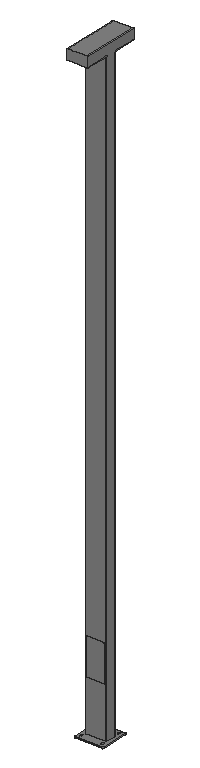
Revit family "Супремус В", category Осветительные приборы, Revit 2019 (continued)
Types (7, lengths in mm): name | Файл фотометрической сетки | built-in parameter 1150105 | Lumens | built-in parameter 1150106 | built-in parameter 1150142 | Wattage | L_общая рассеиватели | ADSK_Фактическая мощность | ADSK_Размер_Высота | ADSK_Номинальная мощность | ADSK_Наименование | ADSK_Масса_Текст | ADSK_Масса | ADSK_Артикул | 2
     335.4 335.9 336.5 337.4 338.2 339.1 340.1 341.2 342.4 343.5 345.0\r\n 346.3 348.0 349.8 351.9 354.1 356.6 359.5 362.2 365.2 368.3 371.5 374.6 377.2 379.9 382.9 386.3 389.1 391.7 394.1 397.2 400.4\r\n 403.9 407.5 410.7 414.4 418.8 422.4 425.6 428.8 432.3 435.8 438.4 440.9 443.9 447.0 449.6 452.5 454.9 457.4 460.2 463.0 466.2\r\n 468.9 471.2 472.4 473.0 472.4 471.3 469.6 466.9 463.0 458.6 454.0 449.4 445.0 440.6 436.2 431.7 426.3 420.5 413.5 404.9 395.1\r\n 385.0 374.9 364.6 354.3 343.9 333.7 322.8 311.6 299.7 286.7 273.9 260.3 246.6 232.7 218.3 204.0 189.7 176.0 162.6 149.4 137.9\r\n 126.5 115.1 106.0 98.4 90.9 83.7 77.5 71.5 65.7 60.0 54.6 49.8 44.9 40.6 36.8 33.6 30.7 28.0 25.6 23.4 21.5 19.9 18.3 16.7 15.2\r\n 13.8 12.2 10.7 9.5 8.3 7.4 6.6 6.0 5.3 4.7 4.3 4.0 3.6 3.1 2.8 2.5 2.2 1.9 1.6 1.4 1.3 1.2 1.0 0.9 0.8 0.7 0.5 0.4 0.3 0.1 0.0\r\n 0.0 0.0 0.0 0.0 0.0 0.0 0.0 0.0 0.0 0.0 0.0 0.0 0.0 0.0 0.0 0.0 0.0 0.0 0.0 0.0 0.0 0.0 0.0 0.0 0.0 0.0 0.0 0.0 0.0 0.0 0.0 0.0\r\n 0.0 0.0 0.0 0.0 0.0 0.0 0.0 0.0 0.0 0.0 0.0 0.0 0.0 0.0 0.0 0.0 0.0 0.0 0.0 0.0 0.0 0.0 0.0 0.0 0.0 0.0 0.0 0.0 0.0 0.0 0.0 0.0\r\n 0.0 0.0 0.0 0.0 0.0 0.0 0.0 0.0 0.0 0.0 0.0 0.0 0.0 0.0 0.0 0.0 0.0 0.0 0.0 0.0 0.0 0.0 0.0 0.0 0.0 0.0 0.0 0.0 0.0 0.0 0.0 0.0\r\n 0.0 0.0 0.0 0.0 0.0 0.0 0.0 0.0 0.0 0.0 0.0 0.0 0.0 0.0 0.0 0.0 0.0 0.0 0.0 0.0 0.0 0.0 0.0 0.0 0.0 0.0 0.0 0.0 0.0 0.0 0.0 0.0\r\n 0.0 0.0 0.0 0.0 0.0 0.0 0.0 0.0 0.0 0.0 0.0 0.0 0.0 0.0 0.0 0.0 0.0 0.0 0.0 0.0 0.0 0.0 0.0 0.0 0.0 0.0 0.0 0.0 0.0 0.0\r\n275.6 277.2 278.7 280.3 282.0 283.5 285.2 287.0 288.8 290.5 292.5 294.4 296.3 298.1 299.8 301.6 303.3 304.7 306.1 307.5 308.8\r\n 310.0 311.3 312.2 313.3 314.3 315.6 316.5 317.6 318.9 320.0 321.4 322.5 323.5 324.6 325.4 326.1 327.0 327.6 328.5 329.2 329.8\r\n 330.3 331.2 332.0 332.7 333.2 333.7 334.2 335.0 335.9 336.6 337.8 338.9 340.0 341.3 342.7 344.3 345.7 347.3 348.9 350.6 352.6\r\n 354.5 356.5 359.0 361.0 363.6 366.0 368.8 371.8 374.4 376.7 379.1 381.5 383.8 386.4 388.6 390.3 392.3 394.5 396.5 398.5 400.0\r\n 402.0 404.3 405.9 407.6 410.5 413.3 416.0 418.7 421.0 423.7 425.9 428.1 430.0 432.2 434.3 436.0 438.2 440.1 441.5 442.6 443.3\r\n 443.5 443.5 442.8 441.9 440.2 437.9 434.3 430.1 425.6 421.4 417.3 412.7 407.7 401.8 396.0 390.3 385.1 379.2 372.9 365.9 358.2\r\n 350.0 341.5 333.0 323.5 314.0 304.3 294.4 284.3 272.7 260.4 248.0 235.4 221.9 208.4 195.0 181.1 166.5 152.1 139.0 126.0 113.4\r\n 102.9 93.3 84.7 76.4 68.2 61.1 54.1 48.8 44.3 40.3 36.7 33.6 31.0 28.6 26.5 24.8 23.5 22.6 21.8 21.1 20.3 19.6 18.6 17.5 16.2\r\n 14.6 13.0 11.6 10.5 9.5 8.5 7.7 6.9 6.5 6.1 5.8 5.2 4.7 4.1 3.5 2.9 2.4 2.1 1.8 1.6 1.5 1.4 1.3 1.1 1.0 0.9 0.8 0.7 0.6 0.0 0.0\r\n 0.0 0.0 0.0 0.0 0.0 0.0 0.0 0.0 0.0 0.0 0.0 0.0 0.0 0.0 0.0 0.0 0.0 0.0 0.0 0.0 0.0 0.0 0.0 0.0 0.0 0.0 0.0 0.0 0.0 0.0 0.0 0.0\r\n 0.0 0.0 0.0 0.0 0.0 0.0 0.0 0.0 0.0 0.0 0.0 0.0 0.0 0.0 0.0 0.0 0.0 0.0 0.0 0.0 0.0 0.0 0.0 0.0 0.0 0.0 0.0 0.0 0.0 0.0 0.0 0.0\r\n 0.0 0.0 0.0 0.0 0.0 0.0 0.0 0.0 0.0 0.0 0.0 0.0 0.0 0.0 0.0 0.0 0.0 0.0 0.0 0.0 0.0 0.0 0.0 0.0 0.0 0.0 0.0 0.0 0.0 0.0 0.0 0.0\r\n 0.0 0.0 0.0 0.0 0.0 0.0 0.0 0.0 0.0 0.0 0.0 0.0 0.0 0.0 0.0 0.0 0.0 0.0 0.0 0.0 0.0 0.0 0.0 0.0 0.0 0.0 0.0 0.0 0.0 0.0 0.0 0.0\r\n 0.0 0.0 0.0 0.0 0.0 0.0 0.0 0.0 0.0 0.0 0.0 0.0 0.0 0.0 0.0 0.0 0.0 0.0 0.0 0.0 0.0 0.0 0.0 0.0 0.0 0.0 0.0 0.0 0.0 0.0\r\n275.6 277.3 279.1 281.0 282.7 284.5 286.4 288.6 290.8 293.1 295.0 297.3 299.4 301.3 303.2 305.0 306.8 308.4 310.0 311.5 312.9\r\n 314.0 315.5 316.7 317.7 319.0 320.4 322.0 323.5 325.0 326.1 327.3 328.2 328.9 329.8 330.5 331.3 331.8 332.5 333.1 333.6 334.1\r\n 334.5 335.0 335.6 336.2 337.0 337.8 338.4 339.2 340.0 341.1 342.1 343.5 344.9 346.4 348.2 350.1 351.8 353.6 355.5 357.4 359.3\r\n 361.1 363.4 365.6 368.0 370.4 372.9 375.3 377.6 379.7 381.5 382.4 383.9 385.5 387.0 388.2 389.1 389.8 390.3 390.6 391.1 391.1\r\n 391.1 390.8 391.0 391.5 392.0 392.7 393.5 394.2 395.3 396.0 396.6 396.7 397.1 397.3 397.6 398.0 398.4 398.8 398.7 398.8 398.4\r\n 397.1 395.3 393.0 390.3 387.1 383.0 378.6 374.2 369.4 364.3 359.0 353.3 347.9 343.1 338.5 333.5 327.9 321.9 315.5 309.2 301.8\r\n 294.1 285.9 277.2 268.8 260.1 251.4 242.0 232.4 222.8 212.6 201.7 190.6 179.4 168.4 157.7 146.7 135.6 124.7 113.7 103.5 93.8 84.7\r\n 75.5 66.6 58.9 52.5 47.4 42.8 38.8 35.4 32.6 30.4 28.6 27.0 25.4 24.0 22.9 21.9 21.0 20.1 19.3 18.5 17.7 17.1 16.5 15.6 14.5 13.2\r\n 12.2 11.1 10.2 9.3 8.3 7.4 6.7 6.2 5.8 5.4 4.8 4.3 3.8 3.3 2.7 2.3 2.1 1.8 1.7 1.5 1.4 1.3 1.1 1.0 0.9 0.8 0.7 0.0 0.0 0.0 0.0\r\n 0.0 0.0 0.0 0.0 0.0 0.0 0.0 0.0 0.0 0.0 0.0 0.0 0.0 0.0 0.0 0.0 0.0 0.0 0.0 0.0 0.0 0.0 0.0 0.0 0.0 0.0 0.0 0.0 0.0 0.0 0.0 0.0\r\n 0.0 0.0 0.0 0.0 0.0 0.0 0.0 0.0 0.0 0.0 0.0 0.0 0.0 0.0 0.0 0.0 0.0 0.0 0.0 0.0 0.0 0.0 0.0 0.0 0.0 0.0 0.0 0.0 0.0 0.0 0.0 0.0\r\n 0.0 0.0 0.0 0.0 0.0 0.0 0.0 0.0 0.0 0.0 0.0 0.0 0.0 0.0 0.0 0.0 0.0 0.0 0.0 0.0 0.0 0.0 0.0 0.0 0.0 0.0 0.0 0.0 0.0 0.0 0.0 0.0\r\n 0.0 0.0 0.0 0.0 0.0 0.0 0.0 0.0 0.0 0.0 0.0 0.0 0.0 0.0 0.0 0.0 0.0 0.0 0.0 0.0 0.0 0.0 0.0 0.0 0.0 0.0 0.0 0.0 0.0 0.0 0.0 0.0\r\n 0.0 0.0 0.0 0.0 0.0 0.0 0.0 0.0 0.0 0.0 0.0 0.0 0.0 0.0 0.0 0.0 0.0 0.0 0.0 0.0 0.0 0.0 0.0 0.0 0.0 0.0 0.0 0.0\r\n275.6 277.5 279.4 281.5 283.5 285.5 287.7 290.2 292.8 295.1 297.8 300.0 302.1 304.2 306.4 308.3 310.2 311.9 313.5 314.9 316.3\r\n 317.9 319.1 320.6 322.1 323.9 325.6 327.0 328.5 329.8 330.7 331.6 332.5 333.4 334.2 335.0 335.6 336.2 336.5 336.9 337.5 337.9\r\n 338.5 339.2 340.1 340.6 341.3 342.3 343.2 344.1 345.4 346.6 347.9 349.0 350.4 351.8 352.9 354.3 355.7 357.3 359.0 360.7 362.7\r\n 364.7 366.6 368.3 370.0 371.6 373.1 374.5 375.8 376.5 377.0 377.7 378.6 379.4 379.7 379.5 379.0 377.9 377.1 375.9 373.9 371.9\r\n 370.4 369.2 368.1 366.4 364.8 363.7 362.4 360.9 360.1 359.0 357.7 355.8 353.4 351.2 349.1 346.6 344.1 341.5 338.3 334.8 331.3\r\n 327.9 324.2 320.6 316.4 311.9 306.9 301.6 296.5 291.2 285.9 280.3 274.3 268.3 261.7 255.8 250.2 244.6 238.6 232.4 225.7 218.4\r\n 210.8 203.6 196.5 189.1 182.2 175.5 168.9 162.7 155.6 148.3 140.7 132.8 124.3 115.6 107.1 98.1 89.8 81.9 74.2 67.1 61.4 55.8 51.8\r\n 48.3 44.8 41.8 39.1 36.6 34.5 32.5 30.7 29.2 27.7 26.2 24.7 23.3 22.0 20.6 19.3 18.1 17.0 16.1 15.2 14.4 13.6 12.9 12.1 11.3 10.5\r\n 9.8 9.1 8.4 7.7 7.2 6.7 6.4 6.2 5.7 4.9 4.4 3.9 3.4 2.9 2.5 2.2 2.0 1.8 1.7 1.5 1.4 1.3 1.2 1.1 1.0 0.9 0.0 0.0 0.0 0.0 0.0 0.0\r\n 0.0 0.0 0.0 0.0 0.0 0.0 0.0 0.0 0.0 0.0 0.0 0.0 0.0 0.0 0.0 0.0 0.0 0.0 0.0 0.0 0.0 0.0 0.0 0.0 0.0 0.0 0.0 0.0 0.0 0.0 0.0 0.0\r\n 0.0 0.0 0.0 0.0 0.0 0.0 0.0 0.0 0.0 0.0 0.0 0.0 0.0 0.0 0.0 0.0 0.0 0.0 0.0 0.0 0.0 0.0 0.0 0.0 0.0 0.0 0.0 0.0 0.0 0.0 0.0 0.0\r\n 0.0 0.0 0.0 0.0 0.0 0.0 0.0 0.0 0.0 0.0 0.0 0.0 0.0 0.0 0.0 0.0 0.0 0.0 0.0 0.0 0.0 0.0 0.0 0.0 0.0 0.0 0.0 0.0 0.0 0.0 0.0 0.0\r\n 0.0 0.0 0.0 0.0 0.0 0.0 0.0 0.0 0.0 0.0 0.0 0.0 0.0 0.0 0.0 0.0 0.0 0.0 0.0 0.0 0.0 0.0 0.0 0.0 0.0 0.0 0.0 0.0 0.0 0.0 0.0 0.0\r\n 0.0 0.0 0.0 0.0 0.0 0.0 0.0 0.0 0.0 0.0 0.0 0.0 0.0 0.0 0.0 0.0 0.0 0.0 0.0 0.0 0.0 0.0 0.0 0.0 0.0 0.0\r\n275.6 277.6 279.6 281.7 284.0 286.2 288.8 291.4 294.2 297.1 299.7 302.2 304.5 306.8 309.0 311.0 313.1 314.7 316.4 318.1 319.4\r\n 321.0 322.7 324.6 326.4 328.3 329.8 331.2 332.4 333.5 334.7 335.7 336.7 337.7 338.3 339.0 339.5 340.1 340.5 341.2 341.9 342.6\r\n 343.2 344.1 344.9 345.6 346.6 347.6 348.8 349.9 350.8 351.5 352.5 353.2 354.3 355.4 356.3 357.5 358.3 359.2 360.2 361.2 362.3\r\n 363.6 364.4 365.1 365.7 366.0 366.3 366.5 366.0 365.8 366.1 366.8 367.6 368.1 367.6 366.7 365.1 363.3 360.9 357.6 354.4 352.2\r\n 349.7 347.1 344.3 341.1 338.4 335.0 331.3 328.1 325.2 321.5 317.6 313.4 308.9 304.0 299.3 294.8 290.4 285.8 281.0 276.0 270.9\r\n 265.5 260.0 253.9 247.6 241.4 235.2 228.7 222.1 215.0 208.2 201.9 196.1 190.6 184.9 179.4 173.5 167.1 160.9 154.6 148.6 142.5\r\n 136.9 131.7 127.2 122.6 118.1 113.7 108.9 103.9 98.9 94.0 89.1 84.0 79.1 74.2 69.4 64.7 60.3 56.3 52.6 49.4 46.6 44.3 42.3 40.5\r\n 38.7 37.0 35.3 33.8 32.2 30.8 29.6 28.3 27.0 25.7 24.5 23.4 22.1 20.8 19.6 18.5 17.4 16.5 15.5 14.5 13.4 12.4 11.4 10.6 9.7 9.1\r\n 8.3 7.7 7.1 6.5 6.0 5.7 5.5 5.1 4.7 4.3 3.8 3.4 3.0 2.8 2.5 2.3 2.1 2.0 1.8 1.7 1.5 1.4 1.3 1.1 1.0 0.0 0.0 0.0 0.0 0.0 0.0 0.0\r\n 0.0 0.0 0.0 0.0 0.0 0.0 0.0 0.0 0.0 0.0 0.0 0.0 0.0 0.0 0.0 0.0 0.0 0.0 0.0 0.0 0.0 0.0 0.0 0.0 0.0 0.0 0.0 0.0 0.0 0.0 0.0 0.0\r\n 0.0 0.0 0.0 0.0 0.0 0.0 0.0 0.0 0.0 0.0 0.0 0.0 0.0 0.0 0.0 0.0 0.0 0.0 0.0 0.0 0.0 0.0 0.0 0.0 0.0 0.0 0.0 0.0 0.0 0.0 0.0 0.0\r\n 0.0 0.0 0.0 0.0 0.0 0.0 0.0 0.0 0.0 0.0 0.0 0.0 0.0 0.0 0.0 0.0 0.0 0.0 0.0 0.0 0.0 0.0 0.0 0.0 0.0 0.0 0.0 0.0 0.0 0.0 0.0 0.0\r\n 0.0 0.0 0.0 0.0 0.0 0.0 0.0 0.0 0.0 0.0 0.0 0.0 0.0 0.0 0.0 0.0 0.0 0.0 0.0 0.0 0.0 0.0 0.0 0.0 0.0 0.0 0.0 0.0 0.0 0.0 0.0 0.0\r\n 0.0 0.0 0.0 0.0 0.0 0.0 0.0 0.0 0.0 0.0 0.0 0.0 0.0 0.0 0.0 0.0 0.0 0.0 0.0 0.0 0.0 0.0 0.0 0.0 0.0\r\n275.6 277.7 279.8 282.1 284.6 287.0 289.8 292.9 296.0 298.8 301.6 304.2 306.6 308.9 311.1 313.3 315.2 317.1 319.0 320.6 322.3\r\n 324.1 326.3 328.3 330.0 331.6 333.1 334.3 335.4 336.5 338.0 338.8 339.6 340.7 341.3 341.9 342.7 343.6 344.4 345.2 345.9 346.8\r\n 347.8 348.6 349.7 350.6 351.4 352.2 352.9 353.5 354.1 354.9 355.6 356.5 356.8 357.3 357.9 358.2 358.5 359.2 359.6 359.6 359.6\r\n 359.6 359.6 359.2 358.8 358.1 357.7 357.2 356.8 356.3 356.5 356.6 356.2 354.9 352.9 350.1 347.3 344.3 340.2 336.1 332.9 329.3\r\n 325.5 321.3 316.8 312.4 307.1 302.2 297.9 293.2 288.0 282.6 277.0 270.5 264.2 257.7 251.5 245.5 239.2 232.5 225.3 218.1 210.7\r\n 203.4 196.5 189.9 183.3 176.6 170.1 163.9 158.4 153.1 147.9 142.6 137.5 132.4 127.4 122.8 118.8 114.6 110.2 105.8 101.9 98.1 94.6\r\n 91.0 87.1 83.3 79.8 76.4 72.7 69.1 65.4 61.8 58.2 54.9 51.9 49.1 46.9 45.0 43.3 41.6 40.0 38.5 37.0 35.5 34.0 32.7 31.4 30.0 28.8\r\n 27.5 26.4 25.3 24.3 23.5 22.6 21.8 20.9 19.9 19.1 18.3 17.5 16.7 15.9 15.2 14.4 13.4 12.6 11.9 11.1 10.3 9.7 9.1 8.6 8.0 7.3 6.6\r\n 6.3 5.9 5.5 5.1 4.7 4.3 4.0 3.7 3.3 3.0 2.8 2.5 2.3 2.1 2.0 1.9 1.7 1.6 1.4 1.2 1.1 0.0 0.0 0.0 0.0 0.0 0.0 0.0 0.0 0.0 0.0 0.0\r\n 0.0 0.0 0.0 0.0 0.0 0.0 0.0 0.0 0.0 0.0 0.0 0.0 0.0 0.0 0.0 0.0 0.0 0.0 0.0 0.0 0.0 0.0 0.0 0.0 0.0 0.0 0.0 0.0 0.0 0.0 0.0 0.0\r\n 0.0 0.0 0.0 0.0 0.0 0.0 0.0 0.0 0.0 0.0 0.0 0.0 0.0 0.0 0.0 0.0 0.0 0.0 0.0 0.0 0.0 0.0 0.0 0.0 0.0 0.0 0.0 0.0 0.0 0.0 0.0 0.0\r\n 0.0 0.0 0.0 0.0 0.0 0.0 0.0 0.0 0.0 0.0 0.0 0.0 0.0 0.0 0.0 0.0 0.0 0.0 0.0 0.0 0.0 0.0 0.0 0.0 0.0 0.0 0.0 0.0 0.0 0.0 0.0 0.0\r\n 0.0 0.0 0.0 0.0 0.0 0.0 0.0 0.0 0.0 0.0 0.0 0.0 0.0 0.0 0.0 0.0 0.0 0.0 0.0 0.0 0.0 0.0 0.0 0.0 0.0 0.0 0.0 0.0 0.0 0.0 0.0 0.0\r\n 0.0 0.0 0.0 0.0 0.0 0.0 0.0 0.0 0.0 0.0 0.0 0.0 0.0 0.0 0.0 0.0 0.0 0.0 0.0 0.0 0.0\r\n275.6 277.8 280.1 282.5 285.1 287.9 290.9 293.9 297.1 300.3 303.1 305.7 308.4 310.8 313.2 315.3 317.5 319.4 321.2 323.2 325.2\r\n 327.6 329.5 331.4 333.1 334.5 335.9 337.4 338.6 339.9 341.1 342.0 343.0 343.8 344.7 345.7 346.8 347.6 348.4 349.5 350.5 351.6\r\n 352.7 353.7 354.4 355.1 355.7 356.2 356.6 357.4 357.8 358.3 358.5 358.7 358.8 358.7 359.0 359.0 358.5 358.4 358.3 357.9 357.7\r\n 357.2 356.6 355.9 355.2 354.6 353.6 352.4 351.3 350.6 350.2 349.0 347.3 344.5 340.7 336.9 333.1 328.4 323.4 318.5 314.1 309.2\r\n 304.1 298.7 293.0 286.7 280.6 275.0 269.3 262.6 255.2 248.0 240.6 233.4 226.3 219.7 212.7 205.6 198.5 191.4 184.4 177.6 171.1\r\n 164.7 158.3 151.9 146.2 141.2 136.8 132.7 128.4 124.2 119.9 115.6 111.6 107.9 104.4 100.9 97.5 94.4 91.5 88.8 85.7 82.4 79.1 75.7\r\n 72.1 68.6 64.7 60.9 57.1 53.8 50.7 48.1 45.7 43.7 42.0 40.4 39.0 37.5 36.0 34.3 32.6 31.0 29.4 27.9 26.5 25.2 24.0 23.0 22.0 21.1\r\n 20.4 19.7 19.0 18.4 17.8 17.0 16.1 15.4 14.7 14.1 13.5 12.9 12.4 11.9 11.3 10.5 10.1 9.6 9.1 8.6 8.3 7.9 7.5 7.1 6.8 6.6 6.5 5.9\r\n 5.4 5.0 4.6 4.1 3.8 3.5 3.2 2.9 2.7 2.5 2.3 2.1 2.0 1.9 1.7 1.5 1.4 1.3 1.1 0.0 0.0 0.0 0.0 0.0 0.0 0.0 0.0 0.0 0.0 0.0 0.0 0.0\r\n 0.0 0.0 0.0 0.0 0.0 0.0 0.0 0.0 0.0 0.0 0.0 0.0 0.0 0.0 0.0 0.0 0.0 0.0 0.0 0.0 0.0 0.0 0.0 0.0 0.0 0.0 0.0 0.0 0.0 0.0 0.0 0.0\r\n 0.0 0.0 0.0 0.0 0.0 0.0 0.0 0.0 0.0 0.0 0.0 0.0 0.0 0.0 0.0 0.0 0.0 0.0 0.0 0.0 0.0 0.0 0.0 0.0 0.0 0.0 0.0 0.0 0.0 0.0 0.0 0.0\r\n 0.0 0.0 0.0 0.0 0.0 0.0 0.0 0.0 0.0 0.0 0.0 0.0 0.0 0.0 0.0 0.0 0.0 0.0 0.0 0.0 0.0 0.0 0.0 0.0 0.0 0.0 0.0 0.0 0.0 0.0 0.0 0.0\r\n 0.0 0.0 0.0 0.0 0.0 0.0 0.0 0.0 0.0 0.0 0.0 0.0 0.0 0.0 0.0 0.0 0.0 0.0 0.0 0.0 0.0 0.0 0.0 0.0 0.0 0.0 0.0 0.0 0.0 0.0 0.0 0.0\r\n 0.0 0.0 0.0 0.0 0.0 0.0 0.0 0.0 0.0 0.0 0.0 0.0 0.0 0.0 0.0 0.0 0.0 0.0 0.0\r\n275.6 277.9 280.3 282.8 285.5 288.5 291.6 294.8 298.1 301.3 304.1 307.0 309.6 312.0 314.4 316.6 318.8 321.0 323.0 325.3 327.7\r\n 329.8 331.8 333.6 335.3 336.6 338.2 339.8 341.0 342.3 343.3 344.3 345.4 346.5 347.7 348.7 349.7 350.8 352.1 353.1 354.3 355.3\r\n 356.1 357.0 357.7 358.1 358.7 359.3 359.8 359.9 360.2 360.0 359.7 359.6 359.4 359.0 358.4 358.0 357.8 357.4 357.1 356.6 356.0\r\n 355.3 354.5 353.3 352.1 350.6 349.3 348.0 346.5 345.6 344.1 341.8 338.7 334.1 329.8 325.8 321.1 315.9 310.0 305.3 299.6 293.4\r\n 287.0 280.1 272.6 264.4 256.7 249.6 241.8 233.5 225.6 217.5 209.0 201.7 194.9 188.0 180.9 173.7 166.3 158.9 151.9 145.6 140.0\r\n 134.7 129.9 125.7 122.2 118.8 115.4 111.9 108.3 105.0 102.0 99.3 96.7 94.0 91.3 88.9 86.6 84.0 81.3 78.5 75.4 72.4 69.2 65.7 62.3\r\n 58.8 55.7 53.0 50.3 48.0 45.9 44.0 42.3 40.6 38.9 37.0 35.1 33.2 31.3 29.4 27.7 26.1 24.6 23.4 22.2 21.1 20.2 19.4 18.7 18.0 17.2\r\n 16.4 15.6 14.8 14.2 13.6 13.1 12.5 12.0 11.5 10.9 10.4 10.0 9.4 8.6 8.1 7.6 7.3 6.9 6.5 6.3 6.1 5.8 5.6 5.5 5.6 5.4 4.9 4.8 4.3\r\n 4.0 3.7 3.4 3.1 2.9 2.7 2.5 2.3 2.2 2.0 1.9 1.8 1.7 1.5 1.4 1.3 1.2 0.0 0.0 0.0 0.0 0.0 0.0 0.0 0.0 0.0 0.0 0.0 0.0 0.0 0.0 0.0\r\n 0.0 0.0 0.0 0.0 0.0 0.0 0.0 0.0 0.0 0.0 0.0 0.0 0.0 0.0 0.0 0.0 0.0 0.0 0.0 0.0 0.0 0.0 0.0 0.0 0.0 0.0 0.0 0.0 0.0 0.0 0.0 0.0\r\n 0.0 0.0 0.0 0.0 0.0 0.0 0.0 0.0 0.0 0.0 0.0 0.0 0.0 0.0 0.0 0.0 0.0 0.0 0.0 0.0 0.0 0.0 0.0 0.0 0.0 0.0 0.0 0.0 0.0 0.0 0.0 0.0\r\n 0.0 0.0 0.0 0.0 0.0 0.0 0.0 0.0 0.0 0.0 0.0 0.0 0.0 0.0 0.0 0.0 0.0 0.0 0.0 0.0 0.0 0.0 0.0 0.0 0.0 0.0 0.0 0.0 0.0 0.0 0.0 0.0\r\n 0.0 0.0 0.0 0.0 0.0 0.0 0.0 0.0 0.0 0.0 0.0 0.0 0.0 0.0 0.0 0.0 0.0 0.0 0.0 0.0 0.0 0.0 0.0 0.0 0.0 0.0 0.0 0.0 0.0 0.0 0.0 0.0\r\n 0.0 0.0 0.0 0.0 0.0 0.0 0.0 0.0 0.0 0.0 0.0 0.0 0.0 0.0 0.0 0.0 0.0\r\n275.6 278.1 280.4 283.2 285.9 289.0 292.1 295.3 298.8 302.1 304.9 308.0 310.6 313.2 315.5 317.9 320.2 322.0 324.5 327.0 329.5\r\n 331.7 333.6 335.5 337.0 338.7 340.2 341.8 343.1 344.6 345.6 347.0 348.1 349.6 350.6 351.8 352.9 354.3 355.6 356.8 357.9 359.0\r\n 359.6 360.1 360.6 361.2 361.9 362.0 362.4 362.6 362.0 361.8 361.5 360.5 360.2 359.6 359.3 359.0 358.4 358.1 357.6 356.8 355.9\r\n 354.6 353.3 351.8 350.1 348.7 347.0 344.9 343.3 341.5 339.2 336.0 332.0 327.4 323.1 319.4 314.4 308.8 303.0 297.4 290.8 283.0\r\n 275.3 266.8 258.0 249.3 240.9 233.3 225.0 216.5 208.4 199.8 191.4 183.8 176.3 169.0 161.8 154.8 148.3 141.5 135.4 130.2 126.0\r\n 121.9 117.7 114.5 111.3 107.9 104.8 101.6 98.6 96.1 93.7 91.3 88.7 86.1 83.6 81.2 78.5 75.7 72.8 69.8 66.7 63.4 59.8 56.6 53.9\r\n 51.3 49.1 47.0 45.1 43.4 41.8 40.3 38.6 36.7 34.6 32.6 30.8 28.9 27.2 25.7 24.3 23.0 21.7 20.6 19.7 18.8 18.0 17.3 16.6 15.6 14.4\r\n 13.4 12.8 12.4 11.9 11.4 11.0 10.6 10.2 9.7 9.2 8.8 8.5 7.8 7.0 6.5 6.1 5.8 5.6 5.3 5.2 5.1 4.9 4.8 4.8 4.9 4.9 4.3 4.2 3.9 3.6\r\n 3.3 3.1 2.9 2.8 2.6 2.4 2.3 2.2 2.1 2.0 1.9 1.8 1.6 1.5 1.4 1.2 0.0 0.0 0.0 0.0 0.0 0.0 0.0 0.0 0.0 0.0 0.0 0.0 0.0 0.0 0.0 0.0\r\n 0.0 0.0 0.0 0.0 0.0 0.0 0.0 0.0 0.0 0.0 0.0 0.0 0.0 0.0 0.0 0.0 0.0 0.0 0.0 0.0 0.0 0.0 0.0 0.0 0.0 0.0 0.0 0.0 0.0 0.0 0.0 0.0\r\n 0.0 0.0 0.0 0.0 0.0 0.0 0.0 0.0 0.0 0.0 0.0 0.0 0.0 0.0 0.0 0.0 0.0 0.0 0.0 0.0 0.0 0.0 0.0 0.0 0.0 0.0 0.0 0.0 0.0 0.0 0.0 0.0\r\n 0.0 0.0 0.0 0.0 0.0 0.0 0.0 0.0 0.0 0.0 0.0 0.0 0.0 0.0 0.0 0.0 0.0 0.0 0.0 0.0 0.0 0.0 0.0 0.0 0.0 0.0 0.0 0.0 0.0 0.0 0.0 0.0\r\n 0.0 0.0 0.0 0.0 0.0 0.0 0.0 0.0 0.0 0.0 0.0 0.0 0.0 0.0 0.0 0.0 0.0 0.0 0.0 0.0 0.0 0.0 0.0 0.0 0.0 0.0 0.0 0.0 0.0 0.0 0.0 0.0\r\n 0.0 0.0 0.0 0.0 0.0 0.0 0.0 0.0 0.0 0.0 0.0 0.0 0.0 0.0 0.0 0.0\r\n275.6 278.0 280.5 283.3 286.2 289.3 292.5 296.0 299.4 302.5 305.7 308.7 311.2 313.8 316.2 318.5 320.7 323.0 325.4 328.1 330.4\r\n 332.7 334.7 336.4 337.9 339.7 341.2 342.7 344.1 345.6 347.0 348.2 349.7 351.1 352.3 353.5 355.1 356.3 357.7 358.7 360.0 360.9\r\n 361.5 361.9 362.6 363.0 363.4 363.6 363.6 363.1 362.6 362.0 361.2 360.6 360.1
